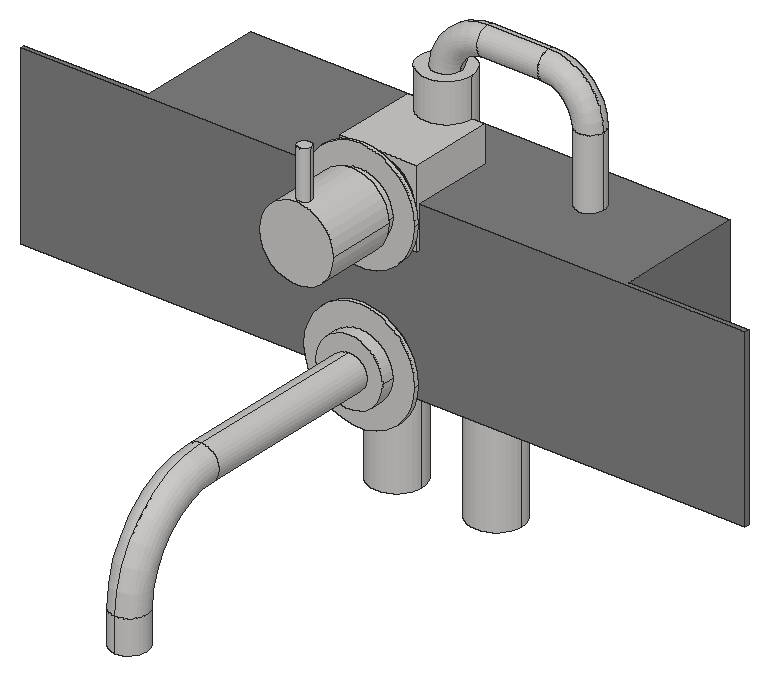
Revit family "311", category Plumbing Fixtures, Revit 2021
Family settings
  Round Connector Dimension = Use Diameter
  Part Type = Normal
  Work Plane-Based = No
  Always vertical = Yes
  Cut with Voids When Loaded = No
  Shared = No
  Room Calculation Point = No
Parameters
  e-mail = "info@vola.com"
  URL = "http://vola.com"
  Telephone = "+45 7023 5500"
  Quality management standard = "ISO 9001"
  Organisation no. / DUNS no. = "17531328"
  Occupational health and safety management standard = "ISO 18001"
  Mounting Instructions = "http://vola.com/service/producturl.ashx?name=311"
  Model = "311"
  Mixer Offset [instance] = 12.00 mm
  Mixer = yes
  Materials and components information = "http://vola.com/service/producturl.ashx?name=311"
  Manufacturer = "VOLA A/S"
  Maintenance Instructions = "http://vola.com/service/producturl.ashx?name=311"
  Guarantee = "2 years"
  Flow = "5,00 l/min"
  Environmental management standard = "ISO 14000"
  Default Elevation = 0.00 mm
  Connection - All relevant connections = "½\" for water connection"
  Approvals = "http://vola.com/service/producturl.ashx?name=311"
Reference planes
  plane 1 "Center (Front/Back)": y = 0
  plane 2: z = 0
  plane 3 "Center (Left/Right)": x = 0
  plane 4 "Mixer plane": y = 12
  plane 5 "Wall Surface": y = 0
Forms (mm)
  Extrusion 1, solid, material "Stainless Steel", visible <- "Mixer"
    sketch origin (-17.5, 10.8, 0) x (0, 0, -1) y (1, 0, 0)
      loop
        circle (0, 17.5) r 17.5
    from 0 to 10.8
  Extrusion 2, solid, material "Stainless Steel", visible <- "Mixer"
    sketch origin (-21, 10.8, 99) x (-1, 0, 0) y (0, 0, -1)
      loop
        circle (-21, 21) r 19.5
    from 0 to 10.8
Dimensions and locks
  "Mixer Offset": plane 4 "Mixer plane" to plane 1 "Center (Front/Back)"
  aligned and locked: plane 2 to level
  aligned and locked: nested 1 to plane 4 "Mixer plane"
  aligned and locked: plane 1 "Center (Front/Back)" to Extrusion 1
  aligned and locked: plane 1 "Center (Front/Back)" to Extrusion 2
Automatic sketch dimensions
  Extrusion 2 sketch curve to nested 1 = 21.00 mm  (x2)
  radius of Extrusion 1 sketch curve to nested 1 = 0.00 mm
  radius of Extrusion 2 sketch curve = 19.50 mm
Nested families
  nested 1: "300" at (0, 83.5, -89.5), visible <- "Mixer", type "300"
  nested 2: "010" at (0, -2, 0), type "010"
  nested 3: "001" at (0, 0, 0) x (1, 0, 0) z (0, -1, 0), type "001"
  nested 4: "NR28" at (0, -2, 78), type "NR28"
  nested 5: "001" at (0, 0, 78) x (1, 0, 0) z (0, -1, 0), type "001"
Connectors
  piping at (27, 56.8, -89.5), diameter 28
    settings: on nested 1, index 1, connector inside diameter 1.10236", connector length 0.00 mm, flow factor 0, pipe flow 0 GPM, pressure drop 0.00 psi, fitting loss kfactor 0, connector angle 0.00°, fixture units 0, engagement length 0.00 mm, angle of deflection 0.00°, flow configuration 0, flow direction 1, fitting loss method 0, system type 20, joint type 0, gender type 0, connector reference index -1, connector utility 0, adjustable connector no, is connector primary yes, connector description ""
  piping at (-27, 56.8, -89.5), diameter 28
    settings: on nested 1, index 2, connector inside diameter 1.10236", connector length 0.00 mm, flow factor 0, pipe flow 0 GPM, pressure drop 0.00 psi, fitting loss kfactor 0, connector angle 0.00°, fixture units 0, engagement length 0.00 mm, angle of deflection 0.00°, flow configuration 0, flow direction 1, fitting loss method 0, system type 19, joint type 0, gender type 0, connector reference index -1, connector utility 0, adjustable connector no, is connector primary no, connector description ""
Definition of nested family "300"
  Parameters
    e-mail = "info@vola.com"
    URL = "http://vola.com"
    Telephone = "+45 7023 5500"
    Quality management standard = "ISO 9001"
    Organisation no. / DUNS no. = "17531328"
    Occupational health and safety management standard = "ISO 18001"
    Mounting Instructions = "http://vola.com/service/producturl.ashx?name=300"
    Model = "300"
    Materials and components information = "http://vola.com/service/producturl.ashx?name=300"
    Manufacturer = "VOLA A/S"
    Maintenance Instructions = "http://vola.com/service/producturl.ashx?name=300"
    Guarantee = "2 years"
    Flow = "17,00 l/min"
    Environmental management standard = "ISO 14000"
    Default Elevation = 0.00 mm
    Connection - All relevant connections = ""
    Approvals = "http://vola.com/service/producturl.ashx?name=300"
  Reference planes
    plane 1 "Center (Front/Back)": y = 0
    plane 2: z = 0
    plane 3 "Center (Left/Right)": x = 0
    plane 4 "Front Plane": y = -72.7
    plane 5 "Inlet Center Plane": y = -26.7
    plane 6: z = 167.5
  Forms (mm)
    Extrusion 1, solid
      sketch origin (1071.5, -3.5, 98.5) x (-1, 0, 0) y (0, 0, -1)
        loop
          line (1092.5, -90) -> (1092.5, -48) -> (1050.5, -48) -> (1050.5, -90) -> (1092.5, -90)
      from 23.2 to 69.2
    Extrusion 2, solid
      sketch origin (0, -1, 52.75) x (1, 0, 0) y (0, 1, 0)
        loop
          line (-127.5, 1) -> (-127.5, -68) -> (132.5, -68) -> (132.5, 1) -> (-127.5, 1)
      from 21.5 to 116.5
    Extrusion 3, solid
      sketch origin (0, -1.7, 74.25) x (0, 1, 0) y (1, 0, 0)
        loop
          circle (-25, 27) r 14
      from 0 to 74.25
    Extrusion 4, solid
      sketch origin (-54, -1.7, 74.25) x (0, 1, 0) y (1, 0, 0)
        loop
          circle (-25, 27) r 14
      from 0 to 74.25
    Extrusion 5, solid
      sketch origin (0, -1, 52.75) x (1, 0, 0) y (0, 1, 0)
        loop
          line (-195, -68) -> (-195, -70.5) -> (197.5, -70.5) -> (197.5, -68) -> (-195, -68)
      from 21.5 to 116.5
    Extrusion 6, solid
      sketch origin (1071.5, -3.5, 20.5) x (-1, 0, 0) y (0, 0, -1)
        loop
          circle (1071.5, -69) r 17.5
      from 7.25 to 69.2
    Extrusion 7, solid
      sketch origin (0, -1, 169.25) x (1, 0, 0) y (0, 1, 0)
        loop
          circle (0, -25.7) r 14
      from 0 to 40.25
    Extrusion 8, void
      sketch origin (0, 0, 0) x (0, 1, 0) y (0, 0, 1)
        loop
          line (0, 169.25) -> (-71.5, 169.25) -> (-71.5, 74.25) -> (0, 74.25) -> (0, 169.25)
      from -27 to 30.523
    Sweep 9, solid
      path origin (0, -26.7, 0) x (-1, 0, 0) y (0, 0, 1)
        loop
          arc (0, 207) -> (-6.59, 222.91) -> (-22.5, 229.5) r 22.5
          line (-22.5, 229.5) -> (-55.5, 229.5)
          arc (-55.5, 229.5) -> (-71.41, 222.91) -> (-78, 207) r 22.5
          line (-78, 207) -> (-78, 169.25)
      profile origin (39, -26.7, 229.5) x (0, 0, -1) y (0, 1, 0)
        loop
          circle (0, 0) r 7.5
  Cuts and joins
    joined: Extrusion 2, Extrusion 5
    Extrusion 8 cuts Extrusion 1
    joined: Extrusion 1, Extrusion 7, Sweep 9
    Extrusion 8 cuts Extrusion 6
  Lines and regions (mm)
    reference lines
      curve 1: line (0, -26, 167.5) -> (0, -123.5, 167.5)
      curve 2: line (-27, -26.7, 167.5) -> (-27, -26.7, 22.75)
      curve 3: line (27, -26.7, 167.5) -> (27, -26.7, 22.75)
      curve 4: line (0, -26, 89.5) -> (0, -123.5, 89.5)
  Dimensions and locks
    aligned and locked: plane 2 to level
    aligned and locked: plane 6 to curve 3
    aligned and locked: plane 6 to curve 2
    aligned and locked: Extrusion 2 to Extrusion 5
    aligned and locked: Extrusion 5 to Extrusion 2
Definition of nested family "010"
  Parameters
    e-mail = "info@vola.com"
    URL = "http://vola.com"
    Telephone = "+45 7023 5500"
    Quality management standard = "ISO 9001"
    Organisation no. / DUNS no. = "17531328"
    Occupational health and safety management standard = "ISO 18001"
    Mounting Instructions = "http://vola.com/service/producturl.ashx?name=010"
    Model = "010"
    Materials and components information = "http://vola.com/service/producturl.ashx?name=010"
    Manufacturer = "VOLA A/S"
    Maintenance Instructions = "http://vola.com/service/producturl.ashx?name=010"
    Guarantee = "2 years"
    Flow = "0 l/min"
    Environmental management standard = "ISO 14000"
    Default Elevation = 0.00 mm
    Connection - All relevant connections = ""
    Approvals = "http://vola.com/service/producturl.ashx?name=010"
  Reference planes
    plane 1 "Center (Front/Back)": y = 0
    plane 2: z = 0
    plane 3 "Center (Left/Right)": x = 0
  Forms (mm)
    Extrusion 1, solid
      sketch origin (0, 0, 0) x (1, 0, 0) y (0, 0, 1)
        loop
          circle (0, 0) r 18
      from 0 to 7
    Sweep 2, solid
      path origin (0, 0, 0) x (0, 1, 0) y (0, 0, 1)
        loop
          line (-7, 0) -> (-107, 0)
          arc (-107, 0) -> (-141.648, -14.352) -> (-156, -49) r 49
      profile origin (0, -141.648, -14.352) x (0, 0.707107, -0.707107) y (1, 0, 0)
        loop
          circle (0, 0) r 9.5
    Extrusion 3, solid
      sketch origin (0, -156, -49) x (0, -1, 0) y (-1, 0, 0)
        loop
          circle (0, 0) r 9.5
      from 0 to 18
  Dimensions and locks
    aligned and locked: plane 2 to level
Definition of nested family "001"
  Parameters
    e-mail = "info@vola.com"
    URL = "http://vola.com"
    Telephone = "+45 7023 5500"
    Quality management standard = "ISO 9001"
    Organisation no. / DUNS no. = "17531328"
    Occupational health and safety management standard = "ISO 18001"
    Mounting Instructions = "http://vola.com/service/producturl.ashx?name=001"
    Model = "001"
    Materials and components information = "http://vola.com/service/producturl.ashx?name=001"
    Manufacturer = "VOLA A/S"
    Maintenance Instructions = "http://vola.com/service/producturl.ashx?name=001"
    Guarantee = "2 years"
    Environmental management standard = "ISO 14000"
    Default Elevation = 1219.20 mm
    Connection - All relevant connections = ""
    Approvals = "http://vola.com/service/producturl.ashx?name=001"
  Reference planes
    plane 1 "Center (Front/Back)": y = 0
    plane 2: z = 0
    plane 3 "Center (Left/Right)": x = 0
  Forms (mm)
    Extrusion 1, solid
      sketch origin (0, 0, 0) x (1, 0, 0) y (0, 1, 0)
        loop
          circle (0, 0) r 16.5
        loop
          circle (0, 0) r 30
      from 0 to 2
  Dimensions and locks
    aligned and locked: plane 2 to level
Definition of nested family "NR28"
  Parameters
    e-mail = "info@vola.com"
    URL = "http://vola.com"
    Telephone = "+45 7023 5500"
    Quality management standard = "ISO 9001"
    Organisation no. / DUNS no. = "17531328"
    Occupational health and safety management standard = "ISO 18001"
    Mounting Instructions = "http://vola.com/service/producturl.ashx?name=NR28"
    Model = "NR28"
    Materials and components information = "http://vola.com/service/producturl.ashx?name=NR28"
    Manufacturer = "VOLA A/S"
    Maintenance Instructions = "http://vola.com/service/producturl.ashx?name=NR28"
    Guarantee = "2 years"
    Environmental management standard = "ISO 14000"
    Default Elevation = 0.00 mm
    Connection - All relevant connections = ""
    Approvals = "http://vola.com/service/producturl.ashx?name=NR28"
  Reference planes
    plane 1 "Center (Front/Back)": y = 0
    plane 2: z = 0
    plane 3 "Center (Left/Right)": x = 0
  Forms (mm)
    Extrusion 1, solid
      sketch origin (0, 0, 0) x (1, 0, 0) y (0, 0, 1)
        loop
          circle (0, 0) r 20
      from 5 to 42.5
    Extrusion 2, solid
      sketch origin (0, -2.75, 0) x (0, -1, 0) y (1, 0, 0)
        loop
          circle (34.5, 0) r 3.5
      from 19 to 45.5
    Extrusion 3, solid
      sketch origin (0, 0, 0) x (1, 0, 0) y (0, 0, 1)
        loop
          circle (0, 0) r 18
      from 0 to 5
  Cuts and joins
    joined: Extrusion 1, Extrusion 2
  Lines and regions (mm)
    model lines
      curve 1: line (6.05, -42.5, 19.141) -> (6.05, -42.5, -19.141)
      curve 2: line (-6.05, -42.5, 19.141) -> (-6.05, -42.5, -19.141)
  Dimensions and locks
    aligned and locked: plane 2 to level
